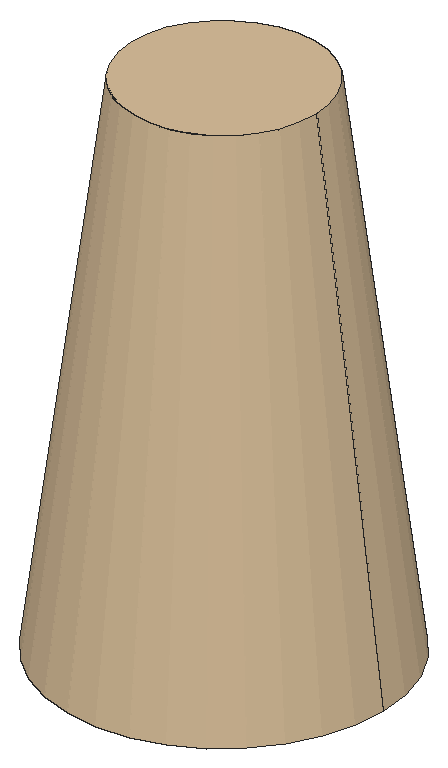
Revit family "FU_Table Base_Sandler_Cono 4001", category Furniture, Revit 2020
Family settings
  OmniClass Number = 23.40.20.00
  OmniClass Title = General Furniture and Specialties
  Work Plane-Based = No
  Always vertical = Yes
  Cut with Voids When Loaded = No
  Shared = No
  Room Calculation Point = No
Parameters
  Width = 450 mm
  URL = "https://www.sandlerseating.com/product/cono-4001/"
  Model = "Cono 4001"
  Manufacturer = "Sandler"
  Height = 750 mm
  Description = "Contemporary metal dining table base.\r\n\r\nMax Table Top – 31.5″"
  Depth = 450 mm
  Default Elevation = 0 mm
  Base Finish [instance] = Metal - Lacquer - Pearl Gold
Reference planes
  plane 1 "Center (Front/Back)": y = 0
  plane 2: z = 0
  plane 3 "Center (Left/Right)": x = 0
  plane 4 "Right": x = -225
  plane 5 "Left": x = 225
  plane 6 "Back": y = 225
  plane 7 "Front": y = -225
  plane 8 "Height": z = 750
  plane 9 "Base height": z = 720
Forms (mm)
  Blend 1, solid, material "Metal - Lacquer - Pearl Gold" <- "Base Finish"
    base sketch origin (0, 0, 0) x (1, 0, 0) y (0, 1, 0)
      loop
        circle (0, 0) r 225
    top sketch origin (0, 0, 0) x (1, 0, 0) y (0, 1, 0)
      loop
        circle (0, 0) r 130
    from 0 to 720
Dimensions and locks
  equal spacing: plane 4 "Right", plane 3 "Center (Left/Right)", plane 5 "Left"
  "Width": plane 4 "Right" to plane 5 "Left"
  equal spacing: plane 6 "Back", plane 1 "Center (Front/Back)", plane 7 "Front"
  "Depth": plane 6 "Back" to plane 7 "Front"
  "Height": plane 8 "Height" to level
  plane 8 "Height" to plane 9 "Base height" = 30 mm
  aligned and locked: level to plane 2
  aligned and locked: plane 9 "Base height" to Blend 1
  aligned and locked: Blend 1 to level
Automatic sketch dimensions
  plane 1 "Center (Front/Back)" to Blend 1 sketch curve = 0 mm  (x2)
  Blend 1 sketch curve to plane 3 "Center (Left/Right)" = 0 mm  (x2)
  radius of Blend 1 sketch curve = 225 mm
  radius of Blend 1 sketch curve = 130 mm
